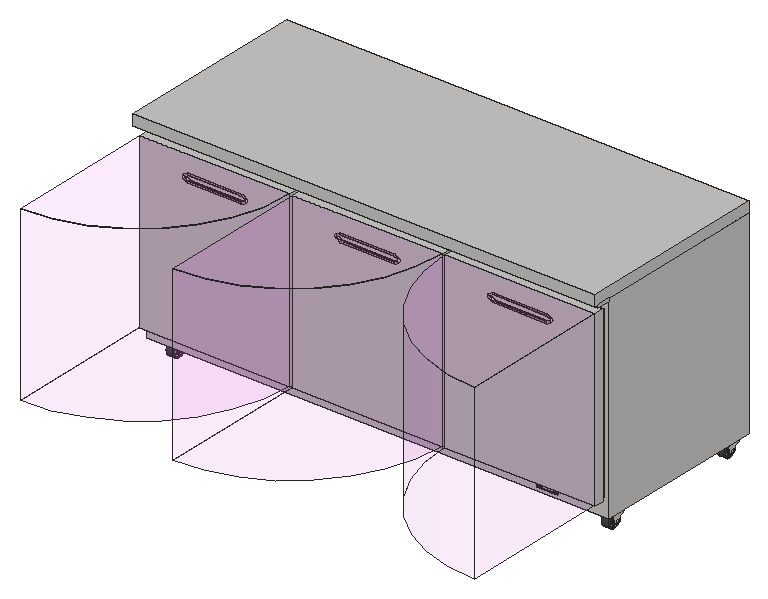
Revit family "QF_Kelvinator_738292_KCHUC72R_3-Door_Under_Counter_Refrigerator_72_Long", category Specialty Equipment, Revit 2021
Family settings
  Round Connector Dimension = Use Diameter
  Part Type = Normal
  Work Plane-Based = No
  Always vertical = Yes
  Cut with Voids When Loaded = No
  Shared = No
  Room Calculation Point = No
Parameters
  Weight in Pounds = 266.759
  Watts = 400 W
  Volts = 115 V
  URL Cutsheet = ""
  Specification by User = ""
  Specification by Manufacturer = ""
  Serial Number = ""
  Seismic Rating = ""
  SMACNA No = ""
  Revision Code = ""
  Refrigerant Type = "R290"
  Phase = 1
  Number of Poles = 1
  NAFEM Spec ID Number = ""
  Model = "738292 (KCHUC72R)"
  Min Ckt Ampacity = 0 A
  Max Overcurrent Protection = 0 A
  Masterspec = ""
  Manufacturer = "Kelvinator Commercial"
  Length = 71.732"
  Item Number = "738292"
  Installed By = ""
  Identify Quantity as Lot = yes
  Height = 35.512"
  HP = "1/5"
  Furnished By = ""
  Foodservice Equipment Identifier = yes
  FL Amps = 3.5 A
  Electrical Remarks = ""
  Electric Connection Type = ""
  Elec Conn RI Height = 0.000"
  Elec Conn Connection Height = 0.000"
  Description = "3-Door Under Counter Refrigerator 72\" Long"
  Depth = 29.921"
  Default Elevation = 0.000"
  Cycle = 60 Hz
  Conn Plug = "5-15P"
  Conn Conduit = yes
  CSI MasterFormat = ""
  Apparent Power = 0 VA
Reference planes (in)
  plane 1 "BACK": y = 0
  plane 2: z = 0
  plane 3 "LEFT": x = 0
  plane 4 "RIGHT": x = 71.732
  plane 5 "FRONT": y = -29.921
  plane 6 "TOP": z = 35.512
  plane 7 "Center Y": x = 35.866
  plane 8 "Center X": y = -14.9605
Dimensions and locks (in)
  equal spacing: plane 3 "LEFT", plane 7 "Center Y", plane 4 "RIGHT"
  "Length": plane 3 "LEFT" to plane 4 "RIGHT"
  equal spacing: plane 5 "FRONT", plane 8 "Center X", plane 1 "BACK"
  "Depth": plane 5 "FRONT" to plane 1 "BACK"
  "Height": plane 6 "TOP" to level
  aligned and locked: level to plane 2
Nested families (in)
  nested 1: "KCHST.0001" at (0, 0, 0), type "KCHST.0001"
    with Show Clearance yes
Connectors (in)
  electrical at (41.107, -0.87772, 2.31881), driven by "Volts", driven by "Watts"
    settings: on nested 1, index 1, voltage 115 V, apparent load 400 VA, apparent load phase1 0 VA, apparent load phase2 0 VA, apparent load phase3 0 VA, power factor 1, load classification "Other", number of poles 1, system type 30, power factor state 1, is connector primary yes, connector utility no, sub classification motor no, connector description ""
Definition of nested family "KCHST.0001"
  Parameters (values of type "KCHST.0001")
    Weight in Pounds = 0
    URL Cutsheet = ""
    Specification by User = ""
    Specification by Manufacturer = ""
    Show Clearance [instance] = yes
    Serial Number = ""
    Seismic Rating = ""
    SMACNA No = ""
    Revision Code = ""
    NAFEM Spec ID Number = ""
    Masterspec = ""
    Length = 71.732"
    Item Number = ""
    Installed By = ""
    Identify Quantity as Lot = yes
    Height = 35.512"
    Furnished By = ""
    Foodservice Equipment Identifier = yes
    Depth = 29.921"
    Default Elevation = 0.000"
    CSI MasterFormat = ""
  Reference planes (in)
    plane 1 "BACK": y = 0
    plane 2: z = 0
    plane 3 "LEFT": x = 0
    plane 4 "RIGHT": x = 71.732
    plane 5 "FRONT": y = -29.921
    plane 6 "TOP": z = 35.512
    plane 7 "Center Y": x = 35.866
    plane 8 "Center X": y = -14.9605
    plane 9: z = 3.1
    plane 10: z = 33.9
    plane 11: y = -56
    plane 12: y = -29.2
    plane 13: z = 32.4
    plane 14: z = 5.6
    plane 15: y = -27.2
    plane 16: x = 69.732
    plane 17: x = 2
    plane 18: x = 23.8
    plane 19: x = 0.5
    plane 20: x = 12.15177
    plane 21: x = 63.84536
    plane 22: x = 71.25
    plane 23: x = 59.59823
    plane 24: x = 35.875
  Forms (in)
    Extrusion 1, solid
      sketch origin (0, 0, 0) x (0, 1, 0) y (0, 0, 1)
        loop
          line (-27.2, 33.9) -> (-27.2, 3.1) -> (0, 3.1) -> (0, 33.9) -> (-27.2, 33.9)
      from 0 to 71.732
    Extrusion 2, solid
      sketch origin (0, 0, 0) x (0, 1, 0) y (0, 0, 1)
        loop
          line (-29.921, 35.512) -> (-29.921, 33.9) -> (0, 33.9) -> (0, 35.512) -> (-29.921, 35.512)
      from 0 to 71.732
    Extrusion 3, solid
      sketch origin (0, 0, 0) x (0, 1, 0) y (0, 0, 1)
        loop
          line (-29.2, 33.9) -> (-29.2, 33.4) -> (-27.2, 33.4) -> (-27.2, 33.9) -> (-29.2, 33.9)
      from 0 to 71.732
    Extrusion 4, solid
      sketch origin (35.866, 6.90541, 48) x (0, 1, 0) y (0, 0, 1)
        loop
          line (-36.10541, -15.6) -> (-36.10541, -42.4) -> (-34.65211, -42.4) -> (-34.65211, -15.6) -> (-36.10541, -15.6)
      from -12.066 to -35.366
    Extrusion 5, solid
      sketch origin (0, 0, 0) x (0, 1, 0) y (0, 0, 1)
        loop
          line (-27.74671, 32.20449) -> (-27.74671, 5.81322) -> (-27.49671, 5.81322) -> (-27.49671, 32.20449) -> (-27.74671, 32.20449)
      from 0.74536 to 23.55817
    Extrusion 6, solid
      sketch origin (0, 0.25, 0) x (0, 1, 0) y (0, 0, 1)
        loop
          line (-27.74671, 32.20449) -> (-27.74671, 5.81322) -> (-27.564, 5.81322) -> (-27.564, 32.20449) -> (-27.74671, 32.20449)
      from 0.74536 to 23.55817
    Extrusion 7, solid
      sketch origin (0, 0.4327, 0) x (0, 1, 0) y (0, 0, 1)
        loop
          line (-27.74671, 32.20449) -> (-27.74671, 5.81322) -> (-27.6327, 5.81322) -> (-27.6327, 32.20449) -> (-27.74671, 32.20449)
      from 0.74536 to 23.55817
    Extrusion 8, solid
      sketch origin (18.02043, -27.2, -4.77927) x (-1, 0, 0) y (0, 0, 1)
        loop
          line (-42.67533, 9.70772) -> (-45.82493, 9.70772) -> (-45.82493, 8.52662) -> (-42.67533, 8.52662) -> (-42.67533, 9.70772)
        loop
          line (-42.75407, 9.63107) -> (-43.14777, 9.63107) -> (-43.14777, 9.31193) -> (-42.75407, 9.31193) -> (-42.75407, 9.63107)
        loop
          line (-42.75407, 9.27674) -> (-43.14777, 9.27674) -> (-43.14777, 8.9576) -> (-42.75407, 8.9576) -> (-42.75407, 9.27674)
        loop
          line (-42.75407, 8.92241) -> (-43.14777, 8.92241) -> (-43.14777, 8.60327) -> (-42.75407, 8.60327) -> (-42.75407, 8.92241)
        loop
          line (-45.74619, 9.63107) -> (-45.74619, 9.31193) -> (-45.35249, 9.31193) -> (-45.35249, 9.63107) -> (-45.74619, 9.63107)
        loop
          line (-45.74619, 9.27674) -> (-45.74619, 8.9576) -> (-45.35249, 8.9576) -> (-45.35249, 9.27674) -> (-45.74619, 9.27674)
        loop
          line (-45.74619, 8.92241) -> (-45.74619, 8.60327) -> (-45.35249, 8.60327) -> (-45.35249, 8.92241) -> (-45.74619, 8.92241)
        loop
          line (-43.22525, 9.63107) -> (-45.27501, 9.63107) -> (-45.27501, 8.60716) -> (-43.22525, 8.60716) -> (-43.22525, 9.63107)
      from 0.07874 to -0.04602
    Extrusion 9, solid
      sketch origin (18.02043, -27.24602, -4.77927) x (1, 0, 0) y (0, 0, 1)
        loop
          line (45.35249, 9.63107) -> (45.35249, 9.31193) -> (45.74619, 9.31193) -> (45.74619, 9.63107) -> (45.35249, 9.63107)
        loop
          line (45.35249, 9.27674) -> (45.35249, 8.9576) -> (45.74619, 8.9576) -> (45.74619, 9.27674) -> (45.35249, 9.27674)
        loop
          line (45.35249, 8.92241) -> (45.35249, 8.60327) -> (45.74619, 8.60327) -> (45.74619, 8.92241) -> (45.35249, 8.92241)
        loop
          line (43.14777, 9.63107) -> (42.75407, 9.63107) -> (42.75407, 9.31193) -> (43.14777, 9.31193) -> (43.14777, 9.63107)
        loop
          line (43.14777, 9.27674) -> (42.75407, 9.27674) -> (42.75407, 8.9576) -> (43.14777, 8.9576) -> (43.14777, 9.27674)
        loop
          line (43.14777, 8.92241) -> (42.75407, 8.92241) -> (42.75407, 8.60327) -> (43.14777, 8.60327) -> (43.14777, 8.92241)
      from 0 to -0.07874
    Extrusion 10, solid
      sketch origin (18.02043, -27.24602, -4.77927) x (1, 0, 0) y (0, 0, 1)
        loop
          line (43.22525, 9.63107) -> (43.22525, 8.60716) -> (45.27501, 8.60716) -> (45.27501, 9.63107) -> (43.22525, 9.63107)
      from 0 to -0.07874
    Extrusion 11, void
      sketch origin (18.02043, -27.2, -4.77927) x (-1, 0, 0) y (0, 0, 1)
        loop
          line (-42.67533, 9.70772) -> (-45.82493, 9.70772) -> (-45.82493, 8.52662) -> (-42.67533, 8.52662) -> (-42.67533, 9.70772)
      from 0 to 0.07874
    Extrusion 12, void
      sketch origin (-37.41705, -29.19996, 31.5181) x (0, 0, 1) y (1, 0, 0)
        loop
          line (-1.94791, 45.39382) -> (-1.94791, 53.74382) -> (-2.28604, 54.28482)
          arc (-2.28604, 54.28482) -> (-2.38541, 54.3399) -> (-2.48479, 54.28482) r 0.11719
          line (-2.48479, 54.28482) -> (-2.82291, 53.74382) -> (-2.82291, 45.39382) -> (-2.48621, 44.8551)
          arc (-2.48621, 44.8551) -> (-2.38541, 44.79923) -> (-2.28462, 44.8551) r 0.11887
          line (-2.28462, 44.8551) -> (-1.94791, 45.39382)
      from 0 to 0.31887
    Sweep 13, solid
      path origin (-37.41705, -26.39996, 31.5181) x (0, 0, -1) y (1, 0, 0)
        loop
          line (2.82291, 53.74382) -> (2.48479, 54.28482)
          arc (2.48479, 54.28482) -> (2.38541, 54.3399) -> (2.28604, 54.28482) r 0.11719
          line (2.28604, 54.28482) -> (1.94791, 53.74382) -> (1.94791, 45.39382) -> (2.28462, 44.8551)
          arc (2.28462, 44.8551) -> (2.38541, 44.79923) -> (2.48621, 44.8551) r 0.11887
          line (2.48621, 44.8551) -> (2.82291, 45.39382) -> (2.82291, 53.74382)
      profile origin (12.15177, -26.39996, 28.69519) x (0, 0, -1) y (0, -1, 0)
        loop
          line (0, 2.8) -> (0.25, 2.8)
          arc (0.25, 2.8) -> (0.125, 2.85269) -> (0, 2.8) r 0.17461
    Extrusion 14, solid
      sketch origin (-16.15625, 0, 3.1) x (-1, 0, 0) y (0, 1, 0)
        loop
          circle (-57.26325, -0.87772) r 0.25
      from 0 to 0.78119
    Extrusion 15, solid
      sketch origin (35.866, 6.90541, 48) x (0, 1, 0) y (0, 0, -1)
        loop
          line (-36.10541, 15.6) -> (-34.65211, 15.6) -> (-34.65211, 42.4) -> (-36.10541, 42.4) -> (-36.10541, 15.6)
      from -12.075 to -35.375
    Extrusion 16, solid
      sketch origin (71.75, 0, 0) x (0, 1, 0) y (0, 0, -1)
        loop
          line (-27.74671, -32.20449) -> (-27.49671, -32.20449) -> (-27.49671, -5.81322) -> (-27.74671, -5.81322) -> (-27.74671, -32.20449)
      from 0.74536 to 23.55817
    Extrusion 17, solid
      sketch origin (71.75, 0.25, 0) x (0, 1, 0) y (0, 0, -1)
        loop
          line (-27.74671, -32.20449) -> (-27.564, -32.20449) -> (-27.564, -5.81322) -> (-27.74671, -5.81322) -> (-27.74671, -32.20449)
      from 0.74536 to 23.55817
    Extrusion 18, solid
      sketch origin (71.75, 0.4327, 0) x (0, 1, 0) y (0, 0, -1)
        loop
          line (-27.74671, -32.20449) -> (-27.6327, -32.20449) -> (-27.6327, -5.81322) -> (-27.74671, -5.81322) -> (-27.74671, -32.20449)
      from 0.74536 to 23.55817
    Extrusion 19, void
      sketch origin (109.16705, -29.19996, 31.5181) x (0, 0, 1) y (1, 0, 0)
        loop
          line (-1.94791, -45.39382) -> (-2.28462, -44.8551)
          arc (-2.28462, -44.8551) -> (-2.38541, -44.79923) -> (-2.48621, -44.8551) r 0.11887
          line (-2.48621, -44.8551) -> (-2.82291, -45.39382) -> (-2.82291, -53.74382) -> (-2.48479, -54.28482)
          arc (-2.48479, -54.28482) -> (-2.38541, -54.3399) -> (-2.28604, -54.28482) r 0.11719
          line (-2.28604, -54.28482) -> (-1.94791, -53.74382) -> (-1.94791, -45.39382)
      from 0 to 0.31887
    Sweep 20, solid
      path origin (109.16705, -26.39996, 31.5181) x (0, 0, -1) y (1, 0, 0)
        loop
          line (2.82291, -53.74382) -> (2.82291, -45.39382) -> (2.48621, -44.8551)
          arc (2.48621, -44.8551) -> (2.38541, -44.79923) -> (2.28462, -44.8551) r 0.11887
          line (2.28462, -44.8551) -> (1.94791, -45.39382) -> (1.94791, -53.74382) -> (2.28604, -54.28482)
          arc (2.28604, -54.28482) -> (2.38541, -54.3399) -> (2.48479, -54.28482) r 0.11719
          line (2.48479, -54.28482) -> (2.82291, -53.74382)
      profile origin (59.59823, -26.39996, 28.69519) x (0, 0, 1) y (0, -1, 0)
        loop
          arc (0, 2.8) -> (-0.125, 2.85269) -> (-0.25, 2.8) r 0.17461
          line (-0.25, 2.8) -> (0, 2.8)
    Extrusion 21, solid
      sketch origin (12.15177, 6.90541, 48) x (0, 1, 0) y (0, 0, -1)
        loop
          line (-36.10541, 15.6) -> (-34.65211, 15.6) -> (-34.65211, 42.4) -> (-36.10541, 42.4) -> (-36.10541, 15.6)
      from -12.075 to -35.375
    Extrusion 22, solid
      sketch origin (48.02677, 0, 0) x (0, 1, 0) y (0, 0, -1)
        loop
          line (-27.74671, -32.20449) -> (-27.49671, -32.20449) -> (-27.49671, -5.81322) -> (-27.74671, -5.81322) -> (-27.74671, -32.20449)
      from 0.74536 to 23.55817
    Extrusion 23, solid
      sketch origin (48.02677, 0.25, 0) x (0, 1, 0) y (0, 0, -1)
        loop
          line (-27.74671, -32.20449) -> (-27.564, -32.20449) -> (-27.564, -5.81322) -> (-27.74671, -5.81322) -> (-27.74671, -32.20449)
      from 0.74536 to 23.55817
    Extrusion 24, solid
      sketch origin (48.02677, 0.4327, 0) x (0, 1, 0) y (0, 0, -1)
        loop
          line (-27.74671, -32.20449) -> (-27.6327, -32.20449) -> (-27.6327, -5.81322) -> (-27.74671, -5.81322) -> (-27.74671, -32.20449)
      from 0.74536 to 23.55817
    Extrusion 25, void
      sketch origin (85.44382, -29.19996, 31.5181) x (0, 0, 1) y (1, 0, 0)
        loop
          line (-1.94791, -45.40282) -> (-2.28462, -44.8641)
          arc (-2.28462, -44.8641) -> (-2.38541, -44.80823) -> (-2.48621, -44.8641) r 0.11887
          line (-2.48621, -44.8641) -> (-2.82291, -45.40282) -> (-2.82291, -53.75282) -> (-2.48479, -54.29382)
          arc (-2.48479, -54.29382) -> (-2.38541, -54.3489) -> (-2.28604, -54.29382) r 0.11719
          line (-2.28604, -54.29382) -> (-1.94791, -53.75282) -> (-1.94791, -45.40282)
      from 0 to 0.31887
    Sweep 26, solid
      path origin (85.44382, -26.39996, 31.5181) x (0, 0, -1) y (1, 0, 0)
        loop
          line (2.82291, -53.75282) -> (2.82291, -45.40282) -> (2.48621, -44.8641)
          arc (2.48621, -44.8641) -> (2.38541, -44.80823) -> (2.28462, -44.8641) r 0.11887
          line (2.28462, -44.8641) -> (1.94791, -45.40282) -> (1.94791, -53.75282) -> (2.28604, -54.29382)
          arc (2.28604, -54.29382) -> (2.38541, -54.3489) -> (2.48479, -54.29382) r 0.11719
          line (2.48479, -54.29382) -> (2.82291, -53.75282)
      profile origin (35.866, -26.39996, 28.69519) x (0, 0, 1) y (0, -1, 0)
        loop
          arc (0, 2.8) -> (-0.125, 2.85269) -> (-0.25, 2.8) r 0.17461
          line (-0.25, 2.8) -> (0, 2.8)
    Extrusion 27, solid, visible <- "Show Clearance"
      sketch origin (0, 9.61225, 5.6) x (1, 0, 0) y (0, -1, 0)
        loop
          arc (23.8, 38.81225) -> (16.97559, 55.28784) -> (0.5, 62.11225) r 23.3
          line (0.5, 62.11225) -> (0.5, 38.81225) -> (23.8, 38.81225)
        loop
          arc (47.51777, 38.81225) -> (40.69599, 55.28148) -> (24.22677, 62.10325) r 23.291
          line (24.22677, 62.10325) -> (24.22677, 38.81225) -> (47.51777, 38.81225)
        loop
          line (47.941, 38.81225) -> (71.25, 38.81225) -> (71.25, 62.12125)
          arc (71.25, 62.12125) -> (54.76805, 55.2942) -> (47.941, 38.81225) r 23.309
      from 0 to -26.8
  Cuts and joins
    Extrusion 11 cuts Extrusion 8
    Extrusion 12, Extrusion 19 cuts Extrusion 4
    Extrusion 19, Extrusion 25 cuts Extrusion 15
    Extrusion 25 cuts Extrusion 21
  Lines and regions (in)
    symbolic lines
      curve 1: line (71.732, -29.921, 0) -> (71.732, 0, 0)
      curve 2: line (71.732, 0, 0) -> (0, 0, 0)
      curve 3: line (0, 0, 0) -> (0, -29.921, 0)
      curve 4: line (0, -29.921, 0) -> (71.732, -29.921, 0)
    symbolic lines, visible <- "Show Clearance"
      curve 5: arc (23.7802, -29.921, 0) -> (22.81424, -35.87552, 0) -> (20.35146, -41.38225, 0) r 23.29137
      curve 6: arc (47.4993, -29.921, 0) -> (46.53295, -35.87569, 0) -> (44.06923, -41.38225, 0) r 23.2837
      curve 7: arc (51.38954, -41.38225, 0) -> (48.9277, -35.87535, 0) -> (47.96212, -29.921, 0) r 23.29904
      curve 8: line (0.5, -29.921, 0) -> (20.35146, -41.38225, 0)
      curve 9: line (24.22677, -29.921, 0) -> (44.06923, -41.38225, 0)
      curve 10: line (71.25, -29.921, 0) -> (51.38954, -41.38225, 0)
  Dimensions and locks (in)
    equal spacing: plane 3 "LEFT", plane 7 "Center Y", plane 4 "RIGHT"
    "Length": plane 3 "LEFT" to plane 4 "RIGHT"
    equal spacing: plane 5 "FRONT", plane 8 "Center X", plane 1 "BACK"
    "Depth": plane 5 "FRONT" to plane 1 "BACK"
    "Height": plane 6 "TOP" to level
    plane 11 to plane 1 "BACK" = 56.000"
    plane 14 to plane 13 = 26.800"
    locked: plane 4 "RIGHT" to plane 16 at 2
    locked: plane 3 "LEFT" to plane 17 at 2
    locked: plane 19 to plane 3 "LEFT" at 0.5
    plane 3 "LEFT" to plane 4 "RIGHT" = 71.732"
    plane 9 to level = 3.100"
    plane 9 to plane 6 "TOP" = 32.412"
    plane 9 to plane 10 = 30.800"
    plane 5 "FRONT" to plane 1 "BACK" = 29.921"
    plane 15 to plane 1 "BACK" = 27.200"
    aligned and locked: level to plane 2
    aligned and locked: plane 16 to nested 1
    aligned and locked: nested 2 to plane 17
    aligned and locked: Extrusion 1 to plane 4 "RIGHT"
    aligned and locked: plane 4 "RIGHT" to Extrusion 1  (x3)
    aligned and locked: Extrusion 3 to plane 4 "RIGHT"
    aligned and locked: Extrusion 2 to plane 4 "RIGHT"
    aligned and locked: plane 18 to cut or joined group of Extrusion 4, Extrusion 12, Extrusion 19
    aligned and locked: cut or joined group of Extrusion 4, Extrusion 12, Extrusion 19 to plane 19
    aligned and locked: plane 16 to nested 3
    aligned and locked: plane 4 "RIGHT" to Extrusion 2  (x2)
    aligned and locked: plane 4 "RIGHT" to Extrusion 3  (x2)
    aligned and locked: Extrusion 7 to Extrusion 5
    aligned and locked: Extrusion 6 to Extrusion 5
    aligned and locked: Extrusion 18 to Extrusion 16
    aligned and locked: Extrusion 17 to Extrusion 16
    aligned and locked: Extrusion 24 to Extrusion 22
    aligned and locked: Extrusion 23 to Extrusion 22
  Automatic sketch dimensions
    plane 9 to Extrusion 1 sketch curve = 0.000"
    Extrusion 1 sketch curve to plane 15 = 0.000"
    Extrusion 1 sketch curve to plane 1 "BACK" = 0.000"
    Extrusion 1 sketch curve to plane 10 = 0.000"
    Extrusion 2 sketch curve to plane 5 "FRONT" = 0.000"
    Extrusion 2 sketch curve to plane 1 "BACK" = 0.000"
    Extrusion 2 sketch curve to plane 10 = 0.000"
    Extrusion 2 sketch curve to plane 6 "TOP" = 0.000"
    Extrusion 3 sketch curve to plane 10 = 0.000"
    Extrusion 3 sketch curve to plane 12 = 0.000"
    Extrusion 3 sketch curve to plane 15 = 0.000"
    Extrusion 3 sketch curve to plane 10 = 0.500"
    Extrusion 4 sketch curve to plane 12 = 0.000"
    plane 14 to Extrusion 4 sketch curve = 0.000"
    plane 13 to Extrusion 4 sketch curve = 0.000"
    Extrusion 4 sketch curve to plane 15 = 0.54671"
    Extrusion 5 sketch curve to plane 14 = 0.21322"
    Extrusion 5 sketch curve to plane 15 = 0.54671"
    Extrusion 5 sketch curve to Extrusion 5 sketch curve = 0.250"
    plane 13 to Extrusion 5 sketch curve = 0.19551"
    Extrusion 6 sketch curve to plane 15 = 0.29671"
    Extrusion 6 sketch curve to plane 15 = 0.114"
    Extrusion 6 sketch curve to plane 14 = 0.21322"
    plane 13 to Extrusion 6 sketch curve = 0.19551"
    Extrusion 7 sketch curve to plane 15 = 0.000"
    Extrusion 7 sketch curve to Extrusion 7 sketch curve = 0.114"
    Extrusion 7 sketch curve to plane 14 = 0.21322"
    plane 13 to Extrusion 7 sketch curve = 0.19551"
    plane 14 to Extrusion 8 sketch curve = 0.67154"
    Extrusion 8 sketch curve to plane 23 = 4.24713"
    Extrusion 8 sketch curve to Extrusion 8 sketch curve = 0.07874"  (x3)
    Extrusion 8 sketch curve to Extrusion 8 sketch curve = 0.000"  (x7)
    Extrusion 8 sketch curve to Extrusion 8 sketch curve = 0.3937"  (x2)
    Extrusion 8 sketch curve to Extrusion 8 sketch curve = 0.07748"  (x3)
    Extrusion 8 sketch curve to plane 9 = 0.72789"
    Extrusion 8 sketch curve to Extrusion 8 sketch curve = 2.04976"
    Extrusion 8 sketch curve to Extrusion 8 sketch curve = 0.00389"  (x2)
    Extrusion 8 sketch curve to Extrusion 8 sketch curve = 0.07665"  (x3)
    Extrusion 8 sketch curve to Extrusion 8 sketch curve = 0.31914"  (x4)
    Extrusion 8 sketch curve to Extrusion 8 sketch curve = 0.03519"  (x4)
    Extrusion 8 to Extrusion 9 sketch curve = 0.000"  (x10)
    Extrusion 9 sketch curve to Extrusion 8 = 0.000"  (x14)
    Extrusion 10 sketch curve to Extrusion 8 = 0.000"  (x3)
    Extrusion 8 to Extrusion 10 sketch curve = 0.000"
    plane 14 to Extrusion 11 sketch curve = 0.67154"
    Extrusion 11 sketch curve to plane 23 = 4.24713"
    Extrusion 11 sketch curve to plane 9 = 0.64735"
    Extrusion 11 sketch curve to Extrusion 11 sketch curve = 3.14961"
    plane 13 to Extrusion 12 sketch curve = 3.70481"
    Extrusion 12 sketch curve to Extrusion 12 sketch curve = 0.3367"
    Extrusion 12 sketch curve to Extrusion 12 sketch curve = 0.33813"  (x2)
    Extrusion 12 sketch curve to Extrusion 12 sketch curve = 0.09937"  (x2)
    Extrusion 12 sketch curve to Extrusion 12 sketch curve = 0.1008"  (x2)
    Extrusion 12 sketch curve to plane 20 = 4.71372"
    Extrusion 12 sketch curve to Extrusion 12 sketch curve = 0.063"
    Extrusion 12 sketch curve to Extrusion 12 sketch curve = 0.53872"  (x2)
    plane 20 to Extrusion 12 sketch curve = 4.175"
    Extrusion 12 sketch curve to Extrusion 12 sketch curve = 0.000"
    Extrusion 12 sketch curve to Extrusion 12 sketch curve = 0.47889"
    Extrusion 12 sketch curve to Extrusion 12 sketch curve = 0.06211"
    plane 13 to Sweep 13 sketch curve = 2.82981"
    Sweep 13 sketch curve to Sweep 13 sketch curve = 0.3367"
    Sweep 13 sketch curve to Sweep 13 sketch curve = 0.33813"  (x2)
    Sweep 13 sketch curve to Sweep 13 sketch curve = 0.09937"  (x2)
    Sweep 13 sketch curve to Sweep 13 sketch curve = 0.1008"  (x2)
    Sweep 13 sketch curve to plane 20 = 4.71372"
    Sweep 13 sketch curve to Sweep 13 sketch curve = 0.063"
    Sweep 13 sketch curve to Sweep 13 sketch curve = 0.53872"  (x2)
    plane 20 to Sweep 13 sketch curve = 4.175"
    Sweep 13 sketch curve to Sweep 13 sketch curve = 0.000"
    Sweep 13 sketch curve to Sweep 13 sketch curve = 0.47889"
    Sweep 13 sketch curve to Sweep 13 sketch curve = 0.06211"
    Sweep 13 sketch curve to profile plane = 0.000"
    Sweep 13 sketch curve to profile plane = 0.125"
    profile plane to Sweep 13 sketch curve = 2.67809"
    Sweep 13 sketch curve to Sweep 13 sketch curve = 0.12191"
    Extrusion 15 sketch curve to plane 12 = 0.000"
    plane 14 to Extrusion 15 sketch curve = 0.000"
    plane 13 to Extrusion 15 sketch curve = 0.000"
    Extrusion 15 sketch curve to plane 15 = 0.54671"
    Extrusion 16 sketch curve to plane 14 = 0.21322"
    Extrusion 16 sketch curve to plane 15 = 0.54671"
    Extrusion 16 sketch curve to Extrusion 16 sketch curve = 0.250"
    plane 13 to Extrusion 16 sketch curve = 0.19551"
    Extrusion 17 sketch curve to plane 15 = 0.29671"
    Extrusion 17 sketch curve to plane 15 = 0.114"
    plane 13 to Extrusion 17 sketch curve = 0.19551"
    Extrusion 17 sketch curve to plane 14 = 0.21322"
    Extrusion 18 sketch curve to plane 15 = 0.000"
    Extrusion 18 sketch curve to Extrusion 18 sketch curve = 0.114"
    plane 13 to Extrusion 18 sketch curve = 0.19551"
    Extrusion 18 sketch curve to plane 14 = 0.21322"
    plane 13 to Extrusion 19 sketch curve = 3.70481"
    plane 21 to Extrusion 19 sketch curve = 0.46659"  (x2)
    Extrusion 19 sketch curve to Extrusion 19 sketch curve = 0.3367"
    Extrusion 19 sketch curve to Extrusion 19 sketch curve = 0.33813"  (x2)
    Extrusion 19 sketch curve to Extrusion 19 sketch curve = 0.09937"  (x2)
    Extrusion 19 sketch curve to Extrusion 19 sketch curve = 0.1008"
    Extrusion 19 sketch curve to Extrusion 19 sketch curve = 0.063"
    Extrusion 19 sketch curve to plane 21 = 0.07213"  (x2)
    plane 23 to Extrusion 19 sketch curve = 4.175"
    Extrusion 19 sketch curve to Extrusion 19 sketch curve = 0.000"
    Extrusion 19 sketch curve to Extrusion 19 sketch curve = 0.47889"
    Extrusion 19 sketch curve to Extrusion 19 sketch curve = 0.06211"
    Sweep 20 sketch curve to plane 21 = 0.07213"  (x2)
    plane 13 to Sweep 20 sketch curve = 2.82981"
    plane 21 to Sweep 20 sketch curve = 0.46659"  (x2)
    Sweep 20 sketch curve to Sweep 20 sketch curve = 0.3367"
    Sweep 20 sketch curve to Sweep 20 sketch curve = 0.33813"  (x2)
    Sweep 20 sketch curve to Sweep 20 sketch curve = 0.09937"  (x2)
    Sweep 20 sketch curve to Sweep 20 sketch curve = 0.1008"
    plane 23 to Sweep 20 sketch curve = 4.175"
    Sweep 20 sketch curve to Sweep 20 sketch curve = 0.000"
    Sweep 20 sketch curve to Sweep 20 sketch curve = 0.47889"
    Sweep 20 sketch curve to Sweep 20 sketch curve = 0.06211"
    Sweep 20 sketch curve to Sweep 20 sketch curve = 0.063"
    profile plane to Sweep 20 sketch curve = 0.000"
    profile plane to Sweep 20 sketch curve = 0.125"
    profile plane to Sweep 20 sketch curve = 2.67809"
    Sweep 20 sketch curve to Sweep 20 sketch curve = 0.12191"
    Extrusion 21 sketch curve to plane 12 = 0.000"
    plane 14 to Extrusion 21 sketch curve = 0.000"
    plane 13 to Extrusion 21 sketch curve = 0.000"
    Extrusion 21 sketch curve to plane 15 = 0.54671"
    Extrusion 22 sketch curve to plane 14 = 0.21322"
    Extrusion 22 sketch curve to plane 15 = 0.54671"
    Extrusion 22 sketch curve to Extrusion 22 sketch curve = 0.250"
    plane 13 to Extrusion 22 sketch curve = 0.19551"
    Extrusion 23 sketch curve to plane 15 = 0.29671"
    Extrusion 23 sketch curve to plane 15 = 0.114"
    plane 13 to Extrusion 23 sketch curve = 0.19551"
    Extrusion 23 sketch curve to plane 14 = 0.21322"
    Extrusion 24 sketch curve to plane 15 = 0.000"
    Extrusion 24 sketch curve to Extrusion 24 sketch curve = 0.114"
    plane 13 to Extrusion 24 sketch curve = 0.19551"
    Extrusion 24 sketch curve to plane 14 = 0.21322"
    Extrusion 1 to Extrusion 14 sketch curve = 0.87772"
    Extrusion 14 sketch curve to Extrusion 1 = 30.625"
    plane 13 to Extrusion 25 sketch curve = 3.70481"
    Extrusion 25 sketch curve to Extrusion 25 sketch curve = 0.3367"
    Extrusion 25 sketch curve to Extrusion 25 sketch curve = 0.33813"  (x2)
    Extrusion 25 sketch curve to Extrusion 25 sketch curve = 0.09937"  (x2)
    Extrusion 25 sketch curve to Extrusion 25 sketch curve = 0.1008"  (x2)
    Extrusion 25 sketch curve to plane 7 "Center Y" = 4.716"
    Extrusion 25 sketch curve to Extrusion 25 sketch curve = 0.06211"
    Extrusion 25 sketch curve to Extrusion 25 sketch curve = 0.541"  (x2)
    plane 7 "Center Y" to Extrusion 25 sketch curve = 4.175"
    Extrusion 25 sketch curve to Extrusion 25 sketch curve = 0.000"
    Extrusion 25 sketch curve to Extrusion 25 sketch curve = 0.47572"
    Extrusion 25 sketch curve to Extrusion 25 sketch curve = 0.063"
    plane 13 to Sweep 26 sketch curve = 2.82981"
    Sweep 26 sketch curve to Sweep 26 sketch curve = 0.3367"
    Sweep 26 sketch curve to Sweep 26 sketch curve = 0.33813"  (x2)
    Sweep 26 sketch curve to Sweep 26 sketch curve = 0.09937"  (x2)
    Sweep 26 sketch curve to Sweep 26 sketch curve = 0.1008"  (x2)
    Sweep 26 sketch curve to plane 7 "Center Y" = 4.716"
    Sweep 26 sketch curve to Sweep 26 sketch curve = 0.06211"
    Sweep 26 sketch curve to Sweep 26 sketch curve = 0.541"  (x2)
    plane 7 "Center Y" to Sweep 26 sketch curve = 4.175"
    Sweep 26 sketch curve to Sweep 26 sketch curve = 0.000"
    Sweep 26 sketch curve to Sweep 26 sketch curve = 0.47572"
    Sweep 26 sketch curve to Sweep 26 sketch curve = 0.063"
    profile plane to Sweep 26 sketch curve = 0.000"
    profile plane to Sweep 26 sketch curve = 0.125"
    profile plane to Sweep 26 sketch curve = 2.67809"
    Sweep 26 sketch curve to Sweep 26 sketch curve = 0.12191"
    Extrusion 27 sketch curve to plane 12 = 0.000"  (x3)
    Extrusion 27 sketch curve to plane 19 = 0.000"
    Extrusion 27 sketch curve to plane 18 = 0.000"
    Extrusion 27 sketch curve to plane 22 = 0.000"
    plane 18 to Extrusion 27 sketch curve = 0.42677"
    plane 7 "Center Y" to Extrusion 27 sketch curve = 11.65177"
    Extrusion 27 sketch curve to Extrusion 27 sketch curve = 0.42323"
    plane 1 "BACK" to curve 3 = 0.000"
    curve 3 to plane 3 "LEFT" = 0.000"
    plane 5 "FRONT" to curve 8 = 0.000"
    curve 8 to plane 19 = 0.000"
    curve 5 to plane 12 = 0.000"
    curve 5 to plane 19 = 0.000"
    curve 6 to plane 12 = 0.000"
    curve 10 to plane 22 = 0.000"
    curve 7 to plane 12 = 0.000"
    curve 7 to plane 22 = 0.000"
    curve 1 to plane 4 "RIGHT" = 0.000"
    curve 8 to plane 18 = 3.44854"
    plane 18 to curve 6 = 0.42677"
    plane 7 "Center Y" to curve 9 = 8.20323"
    curve 9 to curve 10 = 7.32031"
    plane 5 "FRONT" to curve 8 = 11.46125"
    plane 5 "FRONT" to curve 9 = 11.46125"
    curve 9 to curve 10 = 0.000"
    plane 18 to curve 9 = 0.42677"
    radius of Extrusion 14 sketch curve = 0.250"
  Nested families (in)
    nested 1: "3 INCHES 01_CASTER" at (69.732, -24.75, 0), type "3 INCHES 01_CASTER"
      with Type Mark "", Specification by User "", Revision Code "", Item Number "", Installed By "", Identify Quantity as Lot yes, Furnished By "", Foodservice Equipment Identifier yes, 3 Inches Caster yes
    nested 2: "3 INCHES 01_CASTER" at (2, -24.75, 0), type "3 INCHES 01_CASTER"
      with Type Mark "", Specification by User "", Revision Code "", Item Number "", Installed By "", Identify Quantity as Lot yes, Furnished By "", Foodservice Equipment Identifier yes, 3 Inches Caster yes
    nested 3: "3 INCHES 01_CASTER" at (69.732, -2.375, 0), type "3 INCHES 01_CASTER"
      with Type Mark "", Specification by User "", Revision Code "", Item Number "", Installed By "", Identify Quantity as Lot yes, Furnished By "", Foodservice Equipment Identifier yes, 3 Inches Caster yes
    nested 4: "3 INCHES 01_CASTER" at (2, -2.375, 0), type "3 INCHES 01_CASTER"
      with Type Mark "", Specification by User "", Revision Code "", Item Number "", Installed By "", Identify Quantity as Lot yes, Furnished By "", Foodservice Equipment Identifier yes, 3 Inches Caster yes
  Definition of nested family "3 INCHES 01_CASTER"
    Parameters (values of type "3 INCHES 01_CASTER")
      Weight = ""
      URL Manufacturer = ""
      URL Cutsheet = ""
      URL = ""
      Type Mark [instance] = ""
      Specification by User [instance] = ""
      Specification by Manufacturer = ""
      Serial Number = ""
      Seismic Rating = ""
      SMACNA No = ""
      Revision Code [instance] = ""
      Omniclass Number and Title = ""
      NAFEM Spec ID Number = ""
      Model = ""
      MasterSpec. = ""
      Manufacturer = ""
      Item Number [instance] = ""
      Installed By [instance] = ""
      Identify Quantity as Lot [instance] = yes
      Furnished By [instance] = ""
      Foodservice Equipment Identifier [instance] = yes
      Description = ""
      Default Elevation = 0.000"
      CSI MasterFormat = ""
      CSI Master Format = ""
      Assembly Code = ""
      3 Inches Caster [instance] = yes
    Reference planes (in)
      plane 1: z = 0
      plane 2 "RIGHT": x = 0
      plane 3 "FRONT": y = 0
      plane 4 "TOP": z = 3.1
    Forms (in)
      Revolve 1, solid, visible <- "3 Inches Caster"
        sketch origin (-1.93794, 0.56004, -1.0041) x (1, 0, 0) y (0, 0, 1)
          loop
            line (0.74055, 2.11347) -> (0.74055, 2.03797) -> (0.79055, 1.98797) -> (0.85055, 1.98797) -> (0.85055, 1.8679) -> (1.235, 1.8679) -> (1.235, 1.7068) -> (1.36441, 1.63209) -> (1.4003, 1.41035) -> (1.34375, 1.41035) -> (1.34375, 1.28535) -> (1.375, 1.28535) -> (1.375, 1.0041) -> (2.48438, 1.0041) -> (2.48438, 1.28535) -> (2.51563, 1.28535) -> (2.51563, 1.41035) -> (2.45908, 1.41035) -> (2.49553, 1.6356) -> (2.62438, 1.70999) -> (2.62438, 1.8679) -> (3.04007, 1.8679) -> (3.04007, 1.98797) -> (3.10007, 1.98797) -> (3.15007, 2.03797) -> (3.15007, 2.11347) -> (0.74055, 2.11347)
          axis (0.74055, 2.11347) -> (3.15007, 2.11347)
        angle from 0 to 360
      Extrusion 2, solid, visible <- "3 Inches Caster"
        sketch origin (-1.93794, 1.35294, -3.2541) x (0, 1, 0) y (0, 0, 1)
          loop
            line (-0.41094, 5.86793) -> (-0.41094, 6.01276) -> (-2.29494, 6.01276) -> (-2.29494, 5.71244) -> (-1.82301, 5.71244)
            arc (-1.82301, 5.71244) -> (-1.00307, 5.59865) -> (-0.19592, 5.41488) r 9.6332
            arc (-0.19592, 5.41488) -> (0.12646, 5.29481) -> (0.42224, 5.11916) r 1.92059
            line (0.42224, 5.11916) -> (0.51314, 5.245)
            arc (0.51314, 5.245) -> (0.27353, 5.42569) -> (0.01201, 5.5729) r 2.25036
            line (0.01201, 5.5729) -> (0.09371, 5.71426)
            arc (0.09371, 5.71426) -> (-0.15272, 5.81043) -> (-0.41094, 5.86793) r 1.73151
        from 1.17357 to 2.70231
      Revolve 3, solid, visible <- "3 Inches Caster"
        sketch origin (0, 1.73858, -3.25) x (0, 1, 0) y (0, 0, 1)
          loop
            line (-1.73858, 6.35) -> (-1.73858, 6.00866) -> (-0.93293, 6.00866) -> (-0.93293, 6.35) -> (-1.73858, 6.35)
          axis (-1.73858, 6.00866) -> (-1.73858, 6.35)
        angle from 0 to 360
      Extrusion 4, solid, visible <- "3 Inches Caster"
        sketch origin (-1.98481, 1.35294, -1.7541) x (0, 1, 0) y (0, 0, 1)
          loop
            line (-2.29494, 4.51276) -> (-2.29494, 4.21244) -> (-2.2074, 4.21244)
            arc (-2.2074, 4.21244) -> (-1.58796, 3.87196) -> (-1.3103, 3.22193) r 1.0835
            arc (-1.3103, 3.22193) -> (-1.27304, 2.98711) -> (-1.19616, 2.76214) r 1.38462
            arc (-1.19616, 2.76214) -> (-0.77704, 2.49744) -> (-0.37393, 2.78593) r 0.44401
            arc (-0.37393, 2.78593) -> (-0.35491, 2.84407) -> (-0.34077, 2.90358) r 0.74034
            arc (-0.34077, 2.90358) -> (-0.07302, 3.38916) -> (0.4279, 3.62699) r 0.90376
            line (0.4279, 3.62699) -> (0.51314, 3.745)
            arc (0.51314, 3.745) -> (0.27353, 3.92569) -> (0.01201, 4.0729) r 2.25036
            line (0.01201, 4.0729) -> (0.09371, 4.21426)
            arc (0.09371, 4.21426) -> (-0.15272, 4.31043) -> (-0.41094, 4.36793) r 1.73151
            line (-0.41094, 4.36793) -> (-0.41094, 4.51276) -> (-2.29494, 4.51276)
        from 2.74918 to 2.90825
      Extrusion 5, solid, visible <- "3 Inches Caster"
        sketch origin (1.98481, 1.35294, -1.7541) x (0, 1, 0) y (0, 0, -1)
          loop
            line (-2.29494, -4.51276) -> (-0.41094, -4.51276) -> (-0.41094, -4.36793)
            arc (-0.41094, -4.36793) -> (-0.15272, -4.31043) -> (0.09371, -4.21426) r 1.73151
            line (0.09371, -4.21426) -> (0.01201, -4.0729)
            arc (0.01201, -4.0729) -> (0.27353, -3.92569) -> (0.51314, -3.745) r 2.25036
            line (0.51314, -3.745) -> (0.4279, -3.62699)
            arc (0.4279, -3.62699) -> (-0.07302, -3.38916) -> (-0.34077, -2.90358) r 0.90376
            arc (-0.34077, -2.90358) -> (-0.35491, -2.84407) -> (-0.37393, -2.78593) r 0.74034
            arc (-0.37393, -2.78593) -> (-0.77704, -2.49744) -> (-1.19616, -2.76214) r 0.44401
            arc (-1.19616, -2.76214) -> (-1.27304, -2.98711) -> (-1.3103, -3.22193) r 1.38462
            arc (-1.3103, -3.22193) -> (-1.58796, -3.87196) -> (-2.2074, -4.21244) r 1.0835
            line (-2.2074, -4.21244) -> (-2.29494, -4.21244) -> (-2.29494, -4.51276)
        from 2.74918 to 2.90825
    Cuts and joins
      joined: Extrusion 2, Extrusion 4, Extrusion 5
    Lines and regions (in)
      symbolic lines, visible <- "3 Inches Caster"
        curve 1: line (0.1877, 1.65194, 0) -> (0.89063, 1.2461, 0)
        curve 2: line (-1.00175, -0.40823, 0) -> (0.1877, 1.65194, 0)
        curve 3: line (-0.29881, -0.81407, 0) -> (-1.00175, -0.40823, 0)
        curve 4: line (0.89063, 1.2461, 0) -> (-0.29881, -0.81407, 0)
    Dimensions and locks (in)
      plane 4 "TOP" to level = 3.100"  (x2)
      aligned and locked: level to plane 1
